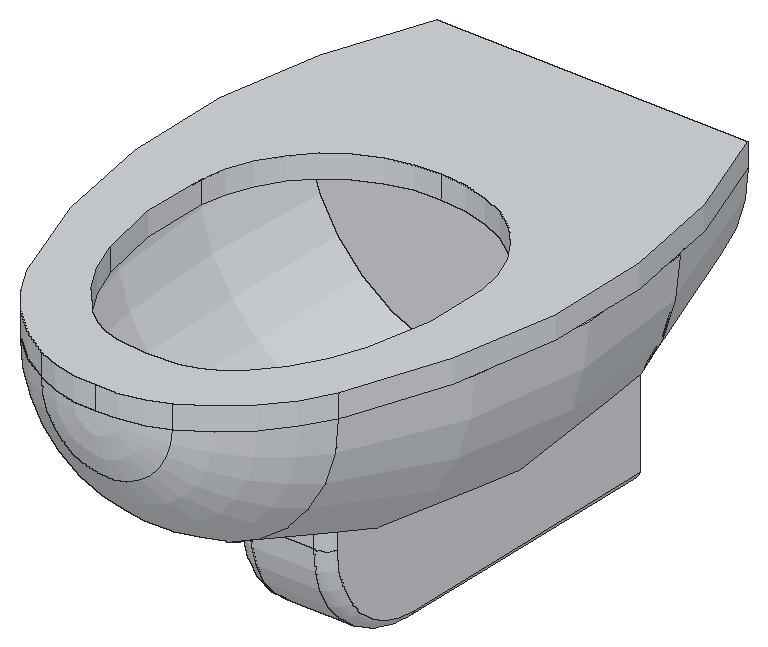
Revit family
Parameters (values of type "540 x 370mm")
  Material = none
  Manufacturer = "Revit"
  Assembly Code = ""
Reference planes
  plane 1 "Center (Front/Back)": y = 0
  plane 2: z = 0
  plane 3 "Center (Left/Right)": x = 0
  plane 4: y = -244.9
Forms (mm)
  Extrusion 1, solid, material <- "Material"
    sketch origin (0, 0, 307.334) x (1, 0, 0) y (0, 1, 0)
      loop
        arc (-135.826, 0) -> (-184.788, -222.698) -> (-135.826, -445.395) r 530.936
        arc (-135.826, -445.395) -> (-103.297, -493.309) -> (-57.095, -528.225) r 177.786
        arc (-57.095, -528.225) -> (-29.379, -538.163) -> (0, -540.097) r 106.04
        arc (0, -540.097) -> (29.379, -538.163) -> (57.095, -528.225) r 106.04
        arc (57.095, -528.225) -> (103.297, -493.309) -> (135.826, -445.395) r 177.786
        arc (135.826, -445.395) -> (184.788, -222.698) -> (135.826, 0) r 530.936
        line (135.826, 0) -> (-135.826, 0)
      loop
        arc (0, -164.943) -> (-82.812, -194.682) -> (-122.895, -273.012) r 119.653
        arc (-122.895, -273.012) -> (-122.872, -329.692) -> (-111.937, -385.307) r 293.01
        arc (-111.937, -385.307) -> (-93.963, -426.143) -> (-66.545, -461.341) r 180.962
        arc (-66.545, -461.341) -> (-48.002, -474.979) -> (-26.24, -482.474) r 76.384
        arc (-26.24, -482.474) -> (-13.17, -484.4) -> (0, -485.431) r 193.749
        arc (0, -485.431) -> (13.17, -484.4) -> (26.24, -482.474) r 193.749
        arc (26.24, -482.474) -> (48.002, -474.979) -> (66.545, -461.341) r 76.384
        arc (66.545, -461.341) -> (93.963, -426.143) -> (111.937, -385.307) r 180.962
        arc (111.937, -385.307) -> (122.872, -329.692) -> (122.895, -273.012) r 293.01
        arc (122.895, -273.012) -> (82.812, -194.682) -> (0, -164.943) r 119.653
    from -20 to 0
  Blend 2, solid, material <- "Material"
    base sketch origin (0, -124.9, 287.334) x (0, 0, -1) y (-1, 0, 0)
      loop
        line (0, 175) -> (0, -175)
        arc (0, -175) -> (175, 0) -> (0, 175) r 175
    top sketch origin (0, -124.9, 287.334) x (0, 0, -1) y (-1, 0, 0)
      loop
        line (0, 134.95) -> (0, -135.05)
        arc (0, -135.05) -> (135, -0.05) -> (0, 134.95) r 135
    from 0 to 124.9
  Extrusion 3, solid, material <- "Material"
    sketch origin (0, 0, 307.334) x (0, 1, 0) y (0, 0, 1)
      loop
        arc (0, -149.936) -> (-167.199, -182.808) -> (-337.566, -179.507) r 799.626
        line (-337.566, -179.507) -> (-337.566, -207.334)
        arc (-337.566, -207.334) -> (-310.425, -272.859) -> (-244.9, -300) r 92.666
        line (-244.9, -300) -> (0, -300) -> (0, -149.936)
    from -41.163 to 41.173
  Sweep 4, void
    path origin (41.173, 0, 149.324) x (0, 0, 1) y (0, -1, 0)
      loop
        line (-14.324, 337.566) -> (-49.324, 337.566)
        arc (-49.324, 337.566) -> (-114.849, 310.425) -> (-141.99, 244.9) r 92.666
        line (-141.99, 244.9) -> (-141.99, 0)
    profile origin (0, -122.45, 0) x (0, 0, 1) y (1, 0, 0)
      loop
        line (26.442, 42.532) -> (26.442, 53.837) -> (-3.558, 53.837) -> (-3.558, -51.163) -> (26.442, -51.163) -> (26.442, -43.084) -> (22.334, -43.084)
        arc (22.334, -43.084) -> (11.727, -38.69) -> (7.334, -28.084) r 15
        line (7.334, -28.084) -> (7.334, 27.532)
        arc (7.334, 27.532) -> (11.727, 38.139) -> (22.334, 42.532) r 15
        line (22.334, 42.532) -> (26.442, 42.532)
  Revolve 5, solid, material <- "Material"
    sketch origin (0, 0, 287.334) x (1, 0, 0) y (0, 1, 0)
      loop
        arc (-175.703, -124.9) -> (-180.725, -288.254) -> (-135.826, -445.395) r 530.936
        arc (-135.826, -445.395) -> (-103.297, -493.309) -> (-57.095, -528.225) r 177.786
        arc (-57.095, -528.225) -> (-29.379, -538.163) -> (0, -540.097) r 106.04
        line (0, -540.097) -> (0, -515.459)
        arc (0, -515.459) -> (-23.494, -514.305) -> (-45.68, -506.489) r 81.488
        arc (-45.68, -506.489) -> (-85.502, -476.394) -> (-113.538, -435.097) r 153.234
        arc (-113.538, -435.097) -> (-156.641, -282.937) -> (-150.703, -124.9) r 506.385
        line (-150.703, -124.9) -> (-175.703, -124.9)
      axis (0, -540.097) -> (0, -124.9)
    angle from 0 to 180
Cuts and joins
  Sweep 4 cuts Extrusion 1
  Sweep 4 cuts Blend 2
  Sweep 4 cuts Extrusion 3
Lines and regions (mm)
  symbolic lines
    curve 1: arc (-135.826, 0, 0) -> (-184.788, -222.698, 0) -> (-135.826, -445.395, 0) r 530.936
    curve 2: arc (-135.826, -445.395, 0) -> (-103.297, -493.309, 0) -> (-57.095, -528.225, 0) r 177.786
    curve 3: arc (-57.095, -528.225, 0) -> (-29.379, -538.163, 0) -> (0, -540.097, 0) r 106.04
    curve 4: arc (0, -540.097, 0) -> (29.379, -538.163, 0) -> (57.095, -528.225, 0) r 106.04
    curve 5: arc (57.095, -528.225, 0) -> (103.297, -493.309, 0) -> (135.826, -445.395, 0) r 177.786
    curve 6: arc (135.826, -445.395, 0) -> (184.788, -222.698, 0) -> (135.826, 0, 0) r 530.936
    curve 7: line (135.826, 0, 0) -> (-135.826, 0, 0)
    curve 12: arc (0, -164.943, 0) -> (82.812, -194.682, 0) -> (122.895, -273.012, 0) r 119.653
    curve 13: arc (122.895, -273.012, 0) -> (122.872, -329.692, 0) -> (111.937, -385.307, 0) r 293.01
    curve 14: arc (111.937, -385.307, 0) -> (93.963, -426.143, 0) -> (66.545, -461.341, 0) r 180.962
    curve 15: arc (66.545, -461.341, 0) -> (48.002, -474.979, 0) -> (26.24, -482.474, 0) r 76.384
    curve 16: arc (26.24, -482.474, 0) -> (13.17, -484.4, 0) -> (0, -485.431, 0) r 193.749
    curve 17: arc (0, -485.431, 0) -> (-13.17, -484.4, 0) -> (-26.24, -482.474, 0) r 193.749
    curve 18: arc (-26.24, -482.474, 0) -> (-48.002, -474.979, 0) -> (-66.545, -461.341, 0) r 76.384
    curve 19: arc (-66.545, -461.341, 0) -> (-93.963, -426.143, 0) -> (-111.937, -385.307, 0) r 180.962
    curve 20: arc (-111.937, -385.307, 0) -> (-122.872, -329.692, 0) -> (-122.895, -273.012, 0) r 293.01
    curve 21: arc (-122.895, -273.012, 0) -> (-82.812, -194.682, 0) -> (0, -164.943, 0) r 119.653
  symbolic lines, detail levels medium+fine
    curve 8: arc (-63.827, -101.182, 0) -> (-71.563, -93.447, 0) -> (-79.298, -101.182, 0) r 7.735
    curve 9: arc (-79.298, -101.182, 0) -> (-71.563, -108.918, 0) -> (-63.827, -101.182, 0) r 7.735
    curve 10: arc (84.558, -101.182, 0) -> (76.822, -93.447, 0) -> (69.087, -101.182, 0) r 7.735
    curve 11: arc (69.087, -101.182, 0) -> (76.822, -108.918, 0) -> (84.558, -101.182, 0) r 7.735
    curve 22: arc (57.356, -315.041, 0) -> (0.005, -353.338, 0) -> (-57.346, -315.041, 0) r 62.091
    curve 23: arc (-57.346, -315.041, 0) -> (-60.2, -305.649, 0) -> (-61.163, -295.881, 0) r 50
    curve 24: line (-61.163, -295.881, 0) -> (-61.163, -275.357, 0)
    curve 25: arc (-61.163, -275.357, 0) -> (-55.305, -261.214, 0) -> (-41.163, -255.357, 0) r 20
    curve 26: line (-41.163, -255.357, 0) -> (41.173, -255.357, 0)
    curve 27: arc (41.173, -255.357, 0) -> (55.315, -261.214, 0) -> (61.173, -275.357, 0) r 20
    curve 28: line (61.173, -275.357, 0) -> (61.173, -295.881, 0)
    curve 29: arc (61.173, -295.881, 0) -> (60.21, -305.649, 0) -> (57.356, -315.041, 0) r 50
